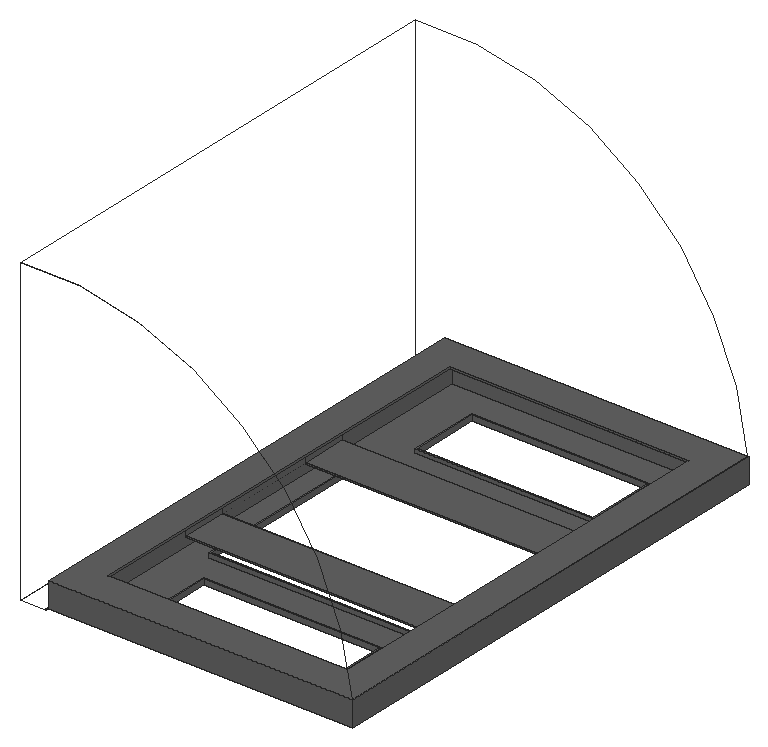
Revit family "Display_Mount-Wall-Chief-Kiosk-Portrait", category Specialty Equipment, host Face, Revit 2015
Parameters (values of type "46", Black")
  z Type Size = 46
  z Type Color = 0
  z Depth Min [instance] = 3.000"  # constant formula
  z Depth Max [instance] = 5.000"  # constant formula
  z Depth Desired [instance] = Depth Desired  # 3.000"
  z Depth Actual [instance] = if(z Depth Desired < z Depth Min, z Depth Min, if(z Depth Desired > z Depth Max, z Depth Max, z Depth Desired))  # 3.000"
  z Bezel Width = if(or(z Type Size = 46, z Type Size = 47, z Type Size = 48), 28.500", if(or(z Type Size = 49, z Type Size = 50, z Type Size = 55), 32.500", if(or(z Type Size = 65, z Type Size = 70), 39.130", if(or(z Type Size = 75), 41.630", 0.000"))))  # 28.500"
  z Bezel Height = if(or(z Type Size = 46, z Type Size = 47, z Type Size = 48), 46.500", if(or(z Type Size = 49, z Type Size = 50, z Type Size = 55), 54.500", if(or(z Type Size = 65, z Type Size = 70), 66.500", if(or(z Type Size = 75), 71.500", 0.000"))))  # 46.500"
  Width [instance] = z Bezel Width  # 28.500"
  URL = "https://www.legrandav.com/"
  Swings Right [instance] = no
  Swings Left [instance] = not(Swings Right)  # yes
  Product Page URL = "https://www.legrandav.com/products/chief/mounts/display/wall-fixed/lw/lw46ubp"
  Product Material = Steel - Milestone - Black
  Product Documentation Link = "https://www.legrandav.com/-/media/files/chief/flyers_brochures/180234_fly_impact_series.ashx"
  Part Number [instance] = Model  # "LW46UBP"
  Part Description [instance] = Description  # "Impact™ On-Wall Kiosk Mount, 46 In., Black"
  Model Disclaimer = "Contact Chief For More Information"  # constant formula
  Model = if(and(z Type Size = 46, z Type Color = 0), "LW46UBP", if(and(z Type Size = 46, z Type Color = 1), "LW46UWP", if(and(z Type Size = 47, z Type Color = 0), "LW47UBP", if(and(z Type Size = 47, z Type Color = 1), "LW47UWP", if(and(z Type Size = 48, z Type Color = 0), "LW48UBP", if(and(z Type Size = 48, z Type Color = 1), "LW48UWP", if(and(z Type Size = 49, z Type Color = 0), "LW49UBP", if(and(z Type Size = 49, z Type Color = 1), "LW49UWP", if(and(z Type Size = 50, z Type Color = 0), "LW50UBP", if(and(z Type Size = 50, z Type Color = 1), "LW50UWP", if(and(z Type Size = 55, z Type Color = 0), "LW55UBP", if(and(z Type Size = 55, z Type Color = 1), "LW55UWP", if(and(z Type Size = 60, z Type Color = 0), "LW60UBP", if(and(z Type Size = 60, z Type Color = 1), "LW60UWP", if(and(z Type Size = 65, z Type Color = 0), "LW65UBP", if(and(z Type Size = 65, z Type Color = 1), "LW65UWP", if(and(z Type Size = 70, z Type Color = 0), "LW70UBP", if(and(z Type Size = 70, z Type Color = 1), "LW70UWP", if(and(z Type Size = 75, z Type Color = 0), "LW75UBP", if(and(z Type Size = 75, z Type Color = 1), "LW75UWP", "Not Available"))))))))))))))))))))  # "LW46UBP"
  Manufacturer = "Chief"  # constant formula
  Load Capacity = if(or(z Type Size = 46, z Type Size = 47, z Type Size = 48), 100.000 lbf, if(or(z Type Size = 49, z Type Size = 50, z Type Size = 55), 125.000 lbf, if(or(z Type Size = 65, z Type Size = 70, z Type Size = 75), 175.000 lbf, 0.000 lbf)))  # 100.000 lbf
  Is Open [instance] = no
  Height [instance] = z Bezel Height  # 46.500"
  Has Snap Locations [instance] = yes
  Has Clearance Areas [instance] = yes
  Family Version = "1.0"  # constant formula
  Equipment Number [instance] = ""
  Equipment Abbreviation = "VM"
  Description = if(and(z Type Size = 46, z Type Color = 0), "Impact™ On-Wall Kiosk Mount, 46 In., Black", if(and(z Type Size = 46, z Type Color = 1), "Impact™ On-Wall Kiosk Mount, 46 In., White", if(and(z Type Size = 47, z Type Color = 0), "Impact™ On-Wall Kiosk Mount, 47 In., Black", if(and(z Type Size = 47, z Type Color = 1), "Impact™ On-Wall Kiosk Mount, 47 In., White", if(and(z Type Size = 48, z Type Color = 0), "Impact™ On-Wall Kiosk Mount, 48 In., Black", if(and(z Type Size = 48, z Type Color = 1), "Impact™ On-Wall Kiosk Mount, 48 In., White", if(and(z Type Size = 49, z Type Color = 0), "Impact™ On-Wall Kiosk Mount, 49 In., Black", if(and(z Type Size = 49, z Type Color = 1), "Impact™ On-Wall Kiosk Mount, 49 In., White", if(and(z Type Size = 50, z Type Color = 0), "Impact™ On-Wall Kiosk Mount, 50 In., Black", if(and(z Type Size = 50, z Type Color = 1), "Impact™ On-Wall Kiosk Mount, 50 In., White", if(and(z Type Size = 55, z Type Color = 0), "Impact™ On-Wall Kiosk Mount, 55 In., Black", if(and(z Type Size = 55, z Type Color = 1), "Impact™ On-Wall Kiosk Mount, 55 In., White", if(and(z Type Size = 60, z Type Color = 0), "Impact™ On-Wall Kiosk Mount, 60 In., Black", if(and(z Type Size = 60, z Type Color = 1), "Impact™ On-Wall Kiosk Mount, 60 In., White", if(and(z Type Size = 65, z Type Color = 0), "Impact™ On-Wall Kiosk Mount, 65 In., Black", if(and(z Type Size = 65, z Type Color = 1), "Impact™ On-Wall Kiosk Mount, 65 In., White", if(and(z Type Size = 70, z Type Color = 0), "Impact™ On-Wall Kiosk Mount, 70 In., Black", if(and(z Type Size = 70, z Type Color = 1), "Impact™ On-Wall Kiosk Mount, 70 In., White", if(and(z Type Size = 75, z Type Color = 0), "Impact™ On-Wall Kiosk Mount, 75 In., Black", if(and(z Type Size = 75, z Type Color = 1), "Impact™ On-Wall Kiosk Mount, 75 In., White", "Not Available"))))))))))))))))))))  # "Impact™ On-Wall Kiosk Mount, 46 In., Black"
  Depth Desired [instance] = 3.000"
  Depth Actual [instance] = z Depth Actual  # 3.000"
  Depth [instance] = Depth Actual  # 3.000"
  Default Elevation = 48.000"
  Date Modified = "January 2, 2019"  # constant formula
  Date Created = "January 2, 2019"  # constant formula
  Copyright = "Copyright © Chief"  # constant formula
Types (19): name | z Type Size | z Type Color | z Bezel Width | z Bezel Height | Width | Product Page URL | Product Material | Part Number | Part Description | Model | Load Capacity | Height | Description
  (no name) | 46 | 0 | 28.500" | 46.500" | 28.500" | "https://www.legrandav.com/products/chief/mounts/display/wall-fixed/lw/lw46ubp" | Steel - Milestone - Black | "LW46UBP" | "Impact™ On-Wall Kiosk Mount, 46 In., Black" | "LW46UBP" | 100.000 lbf | 46.500" | "Impact™ On-Wall Kiosk Mount, 46 In., Black"
  46", Black | 46 | 0 | 28.500" | 46.500" | 28.500" | "https://www.legrandav.com/products/chief/mounts/display/wall-fixed/lw/lw46ubp" | Steel - Milestone - Black | "LW46UBP" | "Impact™ On-Wall Kiosk Mount, 46 In., Black" | "LW46UBP" | 100.000 lbf | 46.500" | "Impact™ On-Wall Kiosk Mount, 46 In., Black"
  55", Black | 55 | 0 | 32.500" | 54.500" | 32.500" | "https://www.legrandav.com/products/chief/mounts/display/wall-fixed/lw/lw55ubp" | Steel - Milestone - Black | "LW55UBP" | "Impact™ On-Wall Kiosk Mount, 55 In., Black" | "LW55UBP" | 125.000 lbf | 54.500" | "Impact™ On-Wall Kiosk Mount, 55 In., Black"
  55", White | 55 | 1 | 32.500" | 54.500" | 32.500" | "https://www.legrandav.com/products/chief/mounts/display/wall-fixed/lw/lw55uwp" | Steel - Milestone - White | "LW55UWP" | "Impact™ On-Wall Kiosk Mount, 55 In., White" | "LW55UWP" | 125.000 lbf | 54.500" | "Impact™ On-Wall Kiosk Mount, 55 In., White"
  65", Black | 65 | 0 | 39.130" | 66.500" | 39.130" | "https://www.legrandav.com/products/chief/mounts/display/wall-fixed/lw/lw65ubp" | Steel - Milestone - Black | "LW65UBP" | "Impact™ On-Wall Kiosk Mount, 65 In., Black" | "LW65UBP" | 175.000 lbf | 66.500" | "Impact™ On-Wall Kiosk Mount, 65 In., Black"
  65", White | 65 | 1 | 39.130" | 66.500" | 39.130" | "https://www.legrandav.com/products/chief/mounts/display/wall-fixed/lw/lw65uwp" | Steel - Milestone - White | "LW65UWP" | "Impact™ On-Wall Kiosk Mount, 65 In., White" | "LW65UWP" | 175.000 lbf | 66.500" | "Impact™ On-Wall Kiosk Mount, 65 In., White"
  70", Black | 70 | 0 | 39.130" | 66.500" | 39.130" | "https://www.legrandav.com/products/chief/mounts/display/wall-fixed/lw/lw70ubp" | Steel - Milestone - Black | "LW70UBP" | "Impact™ On-Wall Kiosk Mount, 70 In., Black" | "LW70UBP" | 175.000 lbf | 66.500" | "Impact™ On-Wall Kiosk Mount, 70 In., Black"
  70", White | 70 | 1 | 39.130" | 66.500" | 39.130" | "https://www.legrandav.com/products/chief/mounts/display/wall-fixed/lw/lw70uwp" | Steel - Milestone - White | "LW70UWP" | "Impact™ On-Wall Kiosk Mount, 70 In., White" | "LW70UWP" | 175.000 lbf | 66.500" | "Impact™ On-Wall Kiosk Mount, 70 In., White"
  75", Black | 75 | 0 | 41.630" | 71.500" | 41.630" | "https://www.legrandav.com/products/chief/mounts/display/wall-fixed/lw/lw75ubp" | Steel - Milestone - Black | "LW75UBP" | "Impact™ On-Wall Kiosk Mount, 75 In., Black" | "LW75UBP" | 175.000 lbf | 71.500" | "Impact™ On-Wall Kiosk Mount, 75 In., Black"
  75", White | 75 | 1 | 41.630" | 71.500" | 41.630" | "https://www.legrandav.com/products/chief/mounts/display/wall-fixed/lw/lw75uwp" | Steel - Milestone - White | "LW75UWP" | "Impact™ On-Wall Kiosk Mount, 75 In., White" | "LW75UWP" | 175.000 lbf | 71.500" | "Impact™ On-Wall Kiosk Mount, 75 In., White"
  46", White | 46 | 1 | 28.500" | 46.500" | 28.500" | "https://www.legrandav.com/products/chief/mounts/display/wall-fixed/lw/lw46uwp" | Steel - Milestone - White | "LW46UWP" | "Impact™ On-Wall Kiosk Mount, 46 In., White" | "LW46UWP" | 100.000 lbf | 46.500" | "Impact™ On-Wall Kiosk Mount, 46 In., White"
  47", Black | 47 | 0 | 28.500" | 46.500" | 28.500" | "https://www.legrandav.com/products/chief/mounts/display/wall-fixed/lw/lw47ubp" | Steel - Milestone - Black | "LW47UBP" | "Impact™ On-Wall Kiosk Mount, 47 In., Black" | "LW47UBP" | 100.000 lbf | 46.500" | "Impact™ On-Wall Kiosk Mount, 47 In., Black"
  47", White | 47 | 1 | 28.500" | 46.500" | 28.500" | "https://www.legrandav.com/products/chief/mounts/display/wall-fixed/lw/lw47uwp" | Steel - Milestone - White | "LW47UWP" | "Impact™ On-Wall Kiosk Mount, 47 In., White" | "LW47UWP" | 100.000 lbf | 46.500" | "Impact™ On-Wall Kiosk Mount, 47 In., White"
  48", Black | 48 | 0 | 28.500" | 46.500" | 28.500" | "https://www.legrandav.com/products/chief/mounts/display/wall-fixed/lw/lw48ubp" | Steel - Milestone - Black | "LW48UBP" | "Impact™ On-Wall Kiosk Mount, 48 In., Black" | "LW48UBP" | 100.000 lbf | 46.500" | "Impact™ On-Wall Kiosk Mount, 48 In., Black"
  48", White | 48 | 1 | 28.500" | 46.500" | 28.500" | "https://www.legrandav.com/products/chief/mounts/display/wall-fixed/lw/lw48uwp" | Steel - Milestone - White | "LW48UWP" | "Impact™ On-Wall Kiosk Mount, 48 In., White" | "LW48UWP" | 100.000 lbf | 46.500" | "Impact™ On-Wall Kiosk Mount, 48 In., White"
  49", Black | 49 | 0 | 32.500" | 54.500" | 32.500" | "https://www.legrandav.com/products/chief/mounts/display/wall-fixed/lw/lw49ubp" | Steel - Milestone - Black | "LW49UBP" | "Impact™ On-Wall Kiosk Mount, 49 In., Black" | "LW49UBP" | 125.000 lbf | 54.500" | "Impact™ On-Wall Kiosk Mount, 49 In., Black"
  49", White | 49 | 1 | 32.500" | 54.500" | 32.500" | "https://www.legrandav.com/products/chief/mounts/display/wall-fixed/lw/lw49uwp" | Steel - Milestone - White | "LW49UWP" | "Impact™ On-Wall Kiosk Mount, 49 In., White" | "LW49UWP" | 125.000 lbf | 54.500" | "Impact™ On-Wall Kiosk Mount, 49 In., White"
  50", Black | 50 | 0 | 32.500" | 54.500" | 32.500" | "https://www.legrandav.com/products/chief/mounts/display/wall-fixed/lw/lw50ubp" | Steel - Milestone - Black | "LW50UBP" | "Impact™ On-Wall Kiosk Mount, 50 In., Black" | "LW50UBP" | 125.000 lbf | 54.500" | "Impact™ On-Wall Kiosk Mount, 50 In., Black"
  50", White | 50 | 1 | 32.500" | 54.500" | 32.500" | "https://www.legrandav.com/products/chief/mounts/display/wall-fixed/lw/lw50uwp" | Steel - Milestone - White | "LW50UWP" | "Impact™ On-Wall Kiosk Mount, 50 In., White" | "LW50UWP" | 125.000 lbf | 54.500" | "Impact™ On-Wall Kiosk Mount, 50 In., White"
Reference planes (in)
  plane 1 "Center (Front/Back)": y = 0
  plane 2 "Center (Elevation)": z = 0
  plane 3 "Center (Left/Right)": x = 0
  plane 4: through (26.9972, 28.43381, 9.92971) normal (-0.9218, 0.2818, 0.2661)
  plane 5: through (15.53727, 31.93746, 9.30168) normal (-0.8902, 0.2721, -0.3654)
  plane 6: through (16.43815, 31.66203, -8.67365) normal (0.8902, -0.2721, 0.3654)
  plane 7: through (13.12273, 32.67566, 0.15701) normal (-0.05, 0.0153, 0.9986)
  plane 8: through (9.8073, 33.68929, 8.98767) normal (-0.9218, 0.2818, 0.2661)
  plane 9: through (4.97822, 35.16569, -9.30168) normal (0.955, -0.292, 0.0523)
  plane 10: through (4.97822, 35.16569, -9.30168) normal (-0.05, 0.0153, 0.9986)
  plane 11 "Top": y = 23.25
  plane 12 "Bottom": y = -23.25
  plane 13 "Left": x = -14.25
  plane 14 "Front": z = 3
  plane 15 "Right": x = 14.25
Dimensions and locks (in)
  "Depth": plane 14 "Front" to plane 2 "Center (Elevation)"
  equal spacing: plane 13 "Left", plane 3 "Center (Left/Right)", plane 15 "Right"
  "Width": plane 13 "Left" to plane 15 "Right"
  equal spacing: plane 12 "Bottom", plane 1 "Center (Front/Back)", plane 11 "Top"
  "Height": plane 12 "Bottom" to plane 11 "Top"
  aligned and locked: plane 2 "Center (Elevation)" to host face
  aligned and locked: level to host face
Automatic sketch dimensions
  host sketch curve to host sketch curve = 24.000"  (x2)
Nested families (in)
  nested 1: "Chief-Kiosk-Portrait" at (0, 0, 0), Has Clearance Areas <- "Has Clearance Areas", Has Snap Locations <- "Has Snap Locations", Is Open <- "Is Open", Swings Right <- "Swings Right", z Type Size <- "z Type Size", Depth Desired <- "z Depth Actual", Product Material <- "Product Material", type "Standard"
    with z Visible Right no, z Visible Left yes, z Visible Clearance Area Right no, z Visible Clearance Area Left yes, z Type Size 46, z Thickness 0.125", z Swing Radius 28.62554", z Plate Width Inside 25.560", z Plate Width 25.810", z Plate Height 44.710", z Opening Width 22.500", z Opening Height 40.100", z On Wall Storage Spacing 31.460", z On Wall Storage Height 6.400", z Mount Inside Width 25.310", z Mount Height Spacing 9.810", z Mount Height 4.280", z Hinge Offset Depth 0.310", z Hinge Angle Right 0.000°, z Hinge Angle Left 0.000°, z Hinge Angle 0.000°, z Display Mount Depth Max 1.875", z Display Mount Depth Actual 1.875", z Depth Min 3.000", z Depth Max 5.000", z Depth Desired 3.000", z Depth Actual 3.000", z Bezel Width 28.500", z Bezel Inside Width 28.250", z Bezel Height 46.500", z  Offset 0.000", Width 28.500", Swings Right no, Swings Left yes, Product Material Steel - Milestone - Black, Is Open no, Height 46.500", Has Snap Locations yes, Has Clearance Areas yes, Depth Desired 3.000", Depth Actual 3.000", Depth 3.000"
Definition of nested family "Chief-Kiosk-Portrait"
  Parameters (values of type "Standard")
    z Visible Right [instance] = Swings Right  # no
    z Visible Left [instance] = not(z Visible Right)  # yes
    z Visible Clearance Area Right [instance] = and(Has Clearance Areas, z Visible Right)  # no
    z Visible Clearance Area Left [instance] = and(Has Clearance Areas, z Visible Left)  # yes
    z Type Size [instance] = 46
    z Thickness [instance] = 0.125"  # constant formula
    z Swing Radius [instance] = sqrt(z Bezel Width ^ 2 + (2.368" + z Hinge Offset Depth) ^ 2)  # 28.62554"
    z Plate Width Inside [instance] = z Plate Width - z Thickness * 2  # 25.560"
    z Plate Width [instance] = if(or(z Type Size = 46, z Type Size = 47, z Type Size = 48), 25.810", if(or(z Type Size = 49, z Type Size = 50, z Type Size = 55), 30.810", if(or(z Type Size = 65, z Type Size = 70), 37.380", if(or(z Type Size = 75), 39.880", 0.000"))))  # 25.810"
    z Plate Height [instance] = if(or(z Type Size = 46, z Type Size = 47, z Type Size = 48), 44.710", if(or(z Type Size = 49, z Type Size = 50, z Type Size = 55), 52.400", if(or(z Type Size = 65, z Type Size = 70), 64.770", if(or(z Type Size = 75), 69.270", 0.000"))))  # 44.710"
    z Opening Width [instance] = if(z Type Size = 46, 22.500", if(z Type Size = 47, 23.000", if(z Type Size = 48, 23.500", if(z Type Size = 49, 23.800", if(z Type Size = 50, 24.300", if(z Type Size = 55, 26.800", if(z Type Size = 65, 31.600", if(z Type Size = 70, 34.100", if(z Type Size = 75, 36.500", 0.000")))))))))  # 22.500"
    z Opening Height [instance] = if(z Type Size = 46, 40.100", if(z Type Size = 47, 40.900", if(z Type Size = 48, 41.500", if(z Type Size = 49, 42.300", if(z Type Size = 50, 43.100", if(z Type Size = 55, 47.600", if(z Type Size = 65, 56.200", if(z Type Size = 70, 60.600", if(z Type Size = 75, 65.000", 0.000")))))))))  # 40.100"
    z On Wall Storage Spacing [instance] = if(or(z Type Size = 46, z Type Size = 47, z Type Size = 48), 31.460", if(or(z Type Size = 49, z Type Size = 50, z Type Size = 55), 35.340", if(or(z Type Size = 65, z Type Size = 70), 45.460", if(or(z Type Size = 75), 47.710", 0.000"))))  # 31.460"
    z On Wall Storage Height [instance] = if(or(z Type Size = 46, z Type Size = 47, z Type Size = 48), 6.400", if(or(z Type Size = 49, z Type Size = 50, z Type Size = 55, z Type Size = 65, z Type Size = 70, z Type Size = 75), 10.400", 0.000"))  # 6.400"
    z Mount Inside Width [instance] = z Plate Width Inside - z Thickness * 2  # 25.310"
    z Mount Height Spacing [instance] = if(or(z Type Size = 46, z Type Size = 47, z Type Size = 48, z Type Size = 49, z Type Size = 50, z Type Size = 55), 9.810", if(or(z Type Size = 65, z Type Size = 70, z Type Size = 75), 13.190", 0.000"))  # 9.810"
    z Mount Height [instance] = if(or(z Type Size = 46, z Type Size = 47, z Type Size = 48, z Type Size = 49, z Type Size = 50, z Type Size = 55), 4.280", if(or(z Type Size = 65, z Type Size = 70, z Type Size = 75), 6.250", 0.000"))  # 4.280"
    z Hinge Offset Depth [instance] = 0.310" + (z Depth Actual - z Depth Min) * 0  # 0.310"
    z Hinge Angle Right [instance] = if(z Visible Right, z Hinge Angle, 0.000° + if(z  Offset > 0.000", z Hinge Angle, 0.000°))  # 0.000°
    z Hinge Angle Left [instance] = if(z Visible Left, z Hinge Angle, 0.000° + if(z  Offset > 0.000", z Hinge Angle, 0.000°))  # 0.000°
    z Hinge Angle [instance] = if(Is Open, 90.000°, 0.000°)  # 0.000°
    z Display Mount Depth Max [instance] = z Depth Actual - 1.125"  # 1.875"
    z Display Mount Depth Actual [instance] = z Display Mount Depth Max  # 1.875"
    z Depth Min [instance] = 3.000"  # constant formula
    z Depth Max [instance] = 5.000"  # constant formula
    z Depth Desired [instance] = Depth Desired  # 3.000"
    z Depth Actual [instance] = z  Offset + if(z Depth Desired < z Depth Min, z Depth Min, if(z Depth Desired > z Depth Max, z Depth Max, z Depth Desired))  # 3.000"
    z Bezel Width [instance] = if(or(z Type Size = 46, z Type Size = 47, z Type Size = 48), 28.500", if(or(z Type Size = 49, z Type Size = 50, z Type Size = 55), 32.500", if(or(z Type Size = 65, z Type Size = 70), 39.130", if(or(z Type Size = 75), 41.630", 0.000"))))  # 28.500"
    z Bezel Inside Width [instance] = z Bezel Width - z Thickness * 2  # 28.250"
    z Bezel Height [instance] = if(or(z Type Size = 46, z Type Size = 47, z Type Size = 48), 46.500", if(or(z Type Size = 49, z Type Size = 50, z Type Size = 55), 54.500", if(or(z Type Size = 65, z Type Size = 70), 66.500", if(or(z Type Size = 75), 71.500", 0.000"))))  # 46.500"
    z  Offset [instance] = 6.000" * 0  # 0.000"
    Width [instance] = z Bezel Width  # 28.500"
    URL = ""
    Swings Right [instance] = no
    Swings Left [instance] = not(Swings Right)  # yes
    Product Material [instance] = none
    Model = ""
    Manufacturer = ""
    Is Open [instance] = no
    Height [instance] = z Bezel Height  # 46.500"
    Has Snap Locations [instance] = yes
    Has Clearance Areas [instance] = yes
    Description = ""
    Depth Desired [instance] = 3.000"
    Depth Actual [instance] = z Depth Actual  # 3.000"
    Depth [instance] = Depth Actual  # 3.000"
    Default Elevation = 48.000"
  Reference planes (in)
    plane 1 "Center (Front/Back)": y = 0
    plane 2 "Center (Elevation)": z = 0
    plane 3 "Center (Left/Right)": x = 0
    plane 4: through (26.9972, 28.43381, 9.92971) normal (-0.9218, 0.2818, 0.2661)
    plane 5: through (15.53727, 31.93746, 9.30168) normal (-0.8902, 0.2721, -0.3654)
    plane 6: through (16.43815, 31.66203, -8.67365) normal (0.8902, -0.2721, 0.3654)
    plane 7: through (13.12273, 32.67566, 0.15701) normal (-0.05, 0.0153, 0.9986)
    plane 8: through (9.8073, 33.68929, 8.98767) normal (-0.9218, 0.2818, 0.2661)
    plane 9: through (4.97822, 35.16569, -9.30168) normal (0.955, -0.292, 0.0523)
    plane 10: through (4.97822, 35.16569, -9.30168) normal (-0.05, 0.0153, 0.9986)
    plane 11: y = 9.135
    plane 12: x = -10.27
    plane 13: x = -8.25
    plane 14: x = 8.25
    plane 15: x = 10.27
    plane 16: y = 12.53
    plane 17: y = 18.93
    plane 18: y = 22.355
    plane 19: y = -22.355
    plane 20: y = -18.93
    plane 21: y = -12.53
    plane 22: y = -9.135
    plane 23 "Back": z = 0
    plane 24: z = 0.125
    plane 25: z = 2.87
    plane 26: x = -12.905
    plane 27: x = 12.905
    plane 28: y = 15.73
    plane 29: y = -15.73
    plane 30: x = -11.25
    plane 31 "Left": x = -14.25
    plane 32: x = 11.25
    plane 33 "Right": x = 14.25
    plane 34: y = 20.05
    plane 35 "Top": y = 23.25
    plane 36: y = -20.05
    plane 37 "Bottom": y = -23.25
    plane 38 "Front": z = 3
    plane 39: z = 2.875
    plane 40: z = 0.62
    plane 41: y = 23.125
    plane 42: x = -14.125
    plane 43: x = 14.125
    plane 44: y = -23.125
    plane 45: x = 8.375
    plane 46: x = -12.78
    plane 47: x = -8.375
    plane 48: x = 12.78
    plane 49: x = -10.395
    plane 50: x = 10.395
    plane 51: y = 12.405
    plane 52: y = -22.23
    plane 53: y = -19.055
    plane 54: y = -9.26
    plane 55: y = 9.26
    plane 56: y = 19.055
    plane 57: y = 22.23
    plane 58: y = -12.405
    plane 59: z = 2.745
    plane 60: z = 0.5
    plane 61: z = 0.31
    plane 62: x = -14.56
    plane 63: x = -16.94
    plane 64: x = 14.56
    plane 65: x = 16.94
    plane 66: z = 28.93554
  Forms (in)
    Extrusion 1, solid, material <- "Product Material"
      sketch origin (0, 0, 0) x (1, 0, 0) y (0, 1, 0)
        loop
          line (-8.25, 18.93) -> (-8.25, 12.53) -> (8.25, 12.53) -> (8.25, 18.93) -> (-8.25, 18.93)
        loop
          line (-8.25, -18.93) -> (8.25, -18.93) -> (8.25, -12.53) -> (-8.25, -12.53) -> (-8.25, -18.93)
        loop
          line (-10.27, 9.135) -> (-10.27, -9.135) -> (10.27, -9.135) -> (10.27, 9.135) -> (-10.27, 9.135)
        loop
          line (-14.125, 23.125) -> (-14.125, -23.125) -> (14.125, -23.125) -> (14.125, 23.125) -> (-14.125, 23.125)
      from 0 to 2.87
    Extrusion 2, void
      sketch origin (0, 0, 0) x (1, 0, 0) y (0, 1, 0)
        loop
          line (-12.78, 22.23) -> (-12.78, -22.23) -> (12.78, -22.23) -> (12.78, 22.23) -> (-12.78, 22.23)
        loop
          line (-8.375, 19.055) -> (-8.375, 12.405) -> (8.375, 12.405) -> (8.375, 19.055) -> (-8.375, 19.055)
        loop
          line (-10.395, 9.26) -> (-10.395, -9.26) -> (10.395, -9.26) -> (10.395, 9.26) -> (-10.395, 9.26)
        loop
          line (-8.375, -12.405) -> (-8.375, -19.055) -> (8.375, -19.055) -> (8.375, -12.405) -> (-8.375, -12.405)
      from 0.125 to 2.87
    Extrusion 3, void
      sketch origin (0, 0, 0) x (1, 0, 0) y (0, 1, 0)
        loop
          line (-14.125, 23.125) -> (-14.125, -23.125) -> (14.125, -23.125) -> (14.125, 23.125) -> (-14.125, 23.125)
        loop
          line (-12.905, 22.355) -> (-12.905, -22.355) -> (12.905, -22.355) -> (12.905, 22.355) -> (-12.905, 22.355)
      from 0 to 2.745
    Extrusion 4, void
      sketch origin (0, 0, 0) x (1, 0, 0) y (0, 1, 0)
        loop
          line (-12.78, 22.23) -> (-12.78, -22.23) -> (12.78, -22.23) -> (12.78, 22.23) -> (-12.78, 22.23)
      from 0.5 to 2.87
    Extrusion 5, solid, visible <- "z Visible Clearance Area Left"
      sketch origin (0, 0, 0) x (1, 0, 0) y (0, 0, 1)
        loop
          arc (14.25, 2.988) -> (4.00427, 22.36002) -> (-16.94, 28.80887) r 28.62554
          line (-16.94, 28.80887) -> (-16.94, 0.31) -> (-14.56, 0.31)
          arc (-14.56, 0.31) -> (-14.4692, 0.5292) -> (-14.25, 0.62) r 0.31
          line (-14.25, 0.62) -> (14.25, 0.62) -> (14.25, 2.988)
      from -23.25 to 23.25
    Extrusion 6, solid, visible <- "z Visible Clearance Area Right"
      sketch origin (0, 0, 0) x (-1, 0, 0) y (0, 0, -1)
        loop
          line (14.25, -2.988) -> (14.25, -0.62) -> (-14.25, -0.62)
          arc (-14.25, -0.62) -> (-14.4692, -0.5292) -> (-14.56, -0.31) r 0.31
          line (-14.56, -0.31) -> (-16.94, -0.31) -> (-16.94, -28.80887)
          arc (-16.94, -28.80887) -> (4.00427, -22.36002) -> (14.25, -2.988) r 28.62554
      from -23.25 to 23.25
    Extrusion 7, void
      sketch origin (0, 23.25, 0.31) x (0, -1, 0) y (1, 0, 0)
        loop
          line (0.125, -14.125) -> (46.375, -14.125) -> (46.375, 14.125) -> (0.125, 14.125) -> (0.125, -14.125)
      from 0.31 to 2.565
    Extrusion 8, solid, material <- "Product Material"
      sketch origin (0, 23.25, 0.31) x (0, -1, 0) y (1, 0, 0)
        loop
          line (3.2, -11.25) -> (43.3, -11.25) -> (43.3, 11.25) -> (3.2, 11.25) -> (3.2, -11.25)
        loop
          line (0, -14.25) -> (46.5, -14.25) -> (46.5, 14.25) -> (0, 14.25) -> (0, -14.25)
      from 0.31 to 2.69
    Extrusion 9, solid
      sketch origin (0, 23.25, 0.31) x (0, -1, 0) y (1, 0, 0)
        loop
          line (14.065, -12.78) -> (18.345, -12.78) -> (18.345, 12.78) -> (14.065, 12.78) -> (14.065, -12.78)
        loop
          line (28.155, -12.78) -> (32.435, -12.78) -> (32.435, 12.78) -> (28.155, 12.78) -> (28.155, -12.78)
      from 0.69 to 0.815
    Extrusion 10, solid, visible <- "Has Snap Locations"
      sketch origin (0, 23.25, 0.31) x (0, -1, 0) y (1, 0, 0)
        loop
          line (18.345, -12.78) -> (28.155, -12.78) -> (28.155, 12.78) -> (18.345, 12.78) -> (18.345, -12.78)
      from 0.69 to 0.815
    Extrusion 11, solid
      sketch origin (0, 23.25, 0.31) x (0, -1, 0) y (1, 0, 0)
        loop
          line (14.065, 12.655) -> (18.345, 12.655) -> (18.345, 12.78) -> (14.065, 12.78) -> (14.065, 12.655)
        loop
          line (18.345, -12.655) -> (14.065, -12.655) -> (14.065, -12.78) -> (18.345, -12.78) -> (18.345, -12.655)
        loop
          line (28.155, 12.655) -> (32.435, 12.655) -> (32.435, 12.78) -> (28.155, 12.78) -> (28.155, 12.655)
        loop
          line (32.435, -12.655) -> (28.155, -12.655) -> (28.155, -12.78) -> (32.435, -12.78) -> (32.435, -12.655)
      from 0.815 to 2.565
  Cuts and joins
    Extrusion 2, Extrusion 3, Extrusion 4 cuts Extrusion 1
    Extrusion 7 cuts Extrusion 8
    joined: Extrusion 9, Extrusion 11
  Lines and regions (in)
    Masking region 1
      outline origin (14.25, 0, 0.31) x (-1, 0, 0) y (0, 0, -1)
        loop
          line (28.5, -0.31) -> (0, -0.31) -> (0, -2.69) -> (28.5, -2.69) -> (28.5, -0.31)
    Masking region 2
      outline origin (0, 0, 0) x (1, 0, 0) y (0, 0, 1)
        loop
          line (-12.905, 0.62) -> (-12.905, 0) -> (12.905, 0) -> (12.905, 0.62) -> (-12.905, 0.62)
    reference lines
      curve 1: line (-14.25, 0, 0.31) -> (14.25, 0, 0.31)
      curve 2: line (0, 23.25, 0.31) -> (0, -23.25, 0.31)
      curve 3: line (14.25, 0, 0.31) -> (-14.25, 0, 0.31)
      curve 4: line (14.25, 0, 3) -> (-14.25, 0, 3)
      curve 31: line (14.25, 0, 1.125) -> (-14.25, 0, 1.125)
    symbolic lines, visible <- "z Visible Clearance Area Left"
      curve 5: line (-16.94, 23.25, 28.93554) -> (14.25, 23.25, 28.93554)
      curve 6: line (-16.94, -23.25, 28.93554) -> (-16.94, 23.25, 28.93554)
      curve 7: line (14.25, -23.25, 28.93554) -> (-16.94, -23.25, 28.93554)
      curve 8: line (14.25, 23.25, 28.93554) -> (14.25, -23.25, 28.93554)
      curve 17: arc (14.25, 0, 2.988) -> (4.00427, 0, 22.36002) -> (-16.94, 0, 28.80887) r 28.62554
      curve 18: line (-16.94, 0, 0.31) -> (-14.56, 0, 0.31)
      curve 19: line (-16.94, 0, 28.80887) -> (-16.94, 0, 0.31)
      curve 20: line (-14.25, 0, 0.62) -> (14.25, 0, 0.62)
      curve 21: line (14.25, 0, 0.62) -> (14.25, 0, 2.988)
      curve 22: arc (-14.25, 0, 0.62) -> (-14.4692, 0, 0.5292) -> (-14.56, 0, 0.31) r 0.31
    symbolic lines, visible <- "z Visible Clearance Area Right"
      curve 9: line (-14.25, 23.25, 28.93554) -> (16.94, 23.25, 28.93554)
      curve 10: line (-14.25, -23.25, 28.93554) -> (-14.25, 23.25, 28.93554)
      curve 11: line (16.94, -23.25, 28.93554) -> (-14.25, -23.25, 28.93554)
      curve 12: line (16.94, 23.25, 28.93554) -> (16.94, -23.25, 28.93554)
      curve 23: arc (-14.25, 0, 2.988) -> (-4.00427, 0, 22.36002) -> (16.94, 0, 28.80887) r 28.62554
      curve 24: line (16.94, 0, 0.31) -> (14.56, 0, 0.31)
      curve 25: line (16.94, 0, 28.80887) -> (16.94, 0, 0.31)
      curve 26: line (14.25, 0, 0.62) -> (-14.25, 0, 0.62)
      curve 27: line (-14.25, 0, 0.62) -> (-14.25, 0, 2.988)
      curve 28: arc (14.25, 0, 0.62) -> (14.4692, 0, 0.5292) -> (14.56, 0, 0.31) r 0.31
    symbolic lines, visible <- "Has Clearance Areas"
      curve 13: line (0, -23.25, 28.93554) -> (0, 23.25, 28.93554)
      curve 14: line (0, -23.25, 0.31) -> (0, -23.25, 28.93554)
      curve 15: line (0, 23.25, 0.31) -> (0, -23.25, 0.31)
      curve 16: line (0, 23.25, 28.93554) -> (0, 23.25, 0.31)
    model lines, visible <- "Has Snap Locations"
      curve 29: line (0, -4.905, 1.125) -> (0, 4.905, 1.125)
      curve 30: line (-12.78, 0, 1.125) -> (12.78, 0, 1.125)
  Dimensions and locks (in)
    "z Thickness": plane 24 to plane 23 "Back"
    locked: plane 25 to plane 23 "Back" at 2.87
    "z On Wall Storage Height": plane 16 to plane 17
    "z On Wall Storage Height": plane 20 to plane 21
    equal spacing: plane 13, plane 3 "Center (Left/Right)", plane 14
    locked: plane 13 to plane 14 at 16.5
    equal spacing: plane 29, plane 1 "Center (Front/Back)", plane 28
    equal spacing: plane 12, plane 3 "Center (Left/Right)", plane 15
    locked: plane 12 to plane 15 at 20.54
    locked: plane 22 to plane 11 at 18.27
    equal spacing: plane 22, plane 1 "Center (Front/Back)", plane 11
    "z On Wall Storage Spacing": plane 29 to plane 28
    equal spacing: plane 16, plane 28, plane 17
    equal spacing: plane 20, plane 29, plane 21
    equal spacing: plane 26, plane 3 "Center (Left/Right)", plane 27
    "z Plate Width": plane 26 to plane 27
    equal spacing: plane 19, plane 1 "Center (Front/Back)", plane 18
    "z Plate Height": plane 19 to plane 18
    equal spacing: plane 36, plane 1 "Center (Front/Back)", plane 34
    "z Opening Height": plane 36 to plane 34
    equal spacing: plane 37 "Bottom", plane 1 "Center (Front/Back)", plane 35 "Top"
    "z Bezel Height": plane 37 "Bottom" to plane 35 "Top"
    equal spacing: plane 30, plane 3 "Center (Left/Right)", plane 32
    "z Opening Width": plane 30 to plane 32
    equal spacing: plane 31 "Left", plane 3 "Center (Left/Right)", plane 33 "Right"
    "z Bezel Width": plane 31 "Left" to plane 33 "Right"
    "z Thickness": plane 38 "Front" to plane 39
    locked: plane 38 "Front" to plane 40 at 2.38
    "z Thickness": plane 37 "Bottom" to plane 44
    "z Thickness": plane 41 to plane 35 "Top"
    "z Thickness": plane 31 "Left" to plane 42
    "z Thickness": plane 43 to plane 33 "Right"
    "z Thickness": plane 57 to plane 18
    "z Thickness": plane 17 to plane 56
    "z Thickness": plane 51 to plane 16
    "z Thickness": plane 11 to plane 55
    "z Thickness": plane 54 to plane 22
    "z Thickness": plane 21 to plane 58
    "z Thickness": plane 53 to plane 20
    "z Thickness": plane 19 to plane 52
    "z Thickness": plane 26 to plane 46
    "z Thickness": plane 49 to plane 12
    "z Thickness": plane 47 to plane 13
    "z Thickness": plane 14 to plane 45
    "z Thickness": plane 15 to plane 50
    "z Thickness": plane 48 to plane 27
    "z Depth Actual": plane 38 "Front" to plane 23 "Back"
    "z Thickness": plane 25 to plane 59
    locked: plane 60 to plane 23 "Back" at 0.5
    "z Hinge Offset Depth": plane 40 to plane 61
    "z Hinge Offset Depth": plane 31 "Left" to plane 62
    "z Hinge Offset Depth": plane 64 to plane 33 "Right"
    locked: plane 65 to plane 64 at 2.38
    locked: plane 62 to plane 63 at 2.38
    "z Swing Radius": plane 66 to plane 61
    "z Bezel Width": curve 1 to curve 1
    "z Bezel Width": curve 3 to curve 3
    equal spacing: curve 3, curve 2, curve 3
    equal spacing: Extrusion 7 sketch curve, curve 2, Extrusion 7 sketch curve
    "z Bezel Inside Width": Extrusion 7 sketch curve to Extrusion 7 sketch curve
    equal spacing: Extrusion 8 sketch curve, curve 2, Extrusion 8 sketch curve  (x2)
    "z Opening Width": Extrusion 8 sketch curve to Extrusion 8 sketch curve
    "z Bezel Width": Extrusion 8 sketch curve to Extrusion 8 sketch curve
    equal spacing: Extrusion 9 sketch curve, curve 2, Extrusion 9 sketch curve  (x2)
    "z Plate Width Inside": Extrusion 9 sketch curve to Extrusion 9 sketch curve  (x2)
    "z Mount Height": Extrusion 9 sketch curve to Extrusion 9 sketch curve  (x2)
    equal spacing: Extrusion 9 sketch curve, curve 3, Extrusion 9 sketch curve
    "z Mount Height Spacing": Extrusion 9 sketch curve to Extrusion 9 sketch curve
    "z Thickness": Extrusion 9 to Extrusion 9
    "z Bezel Width": curve 4 to curve 4
    locked: curve 4 to curve 3 at 2.69
    "z Display Mount Depth Actual": Extrusion 9 to curve 4
    equal spacing: Extrusion 10 sketch curve, curve 4, Extrusion 10 sketch curve
    "z Mount Height Spacing": Extrusion 10 sketch curve to Extrusion 10 sketch curve
    equal spacing: Extrusion 10 sketch curve, curve 2, Extrusion 10 sketch curve
    "z Plate Width Inside": Extrusion 10 sketch curve to Extrusion 10 sketch curve
    "z Thickness": Extrusion 10 to Extrusion 10
    "z Display Mount Depth Actual": Extrusion 10 to curve 4
    equal spacing: Extrusion 11 sketch curve, curve 2, Extrusion 11 sketch curve  (x4)
    "z Mount Height": Extrusion 11 sketch curve to Extrusion 11 sketch curve  (x4)
    equal spacing: Extrusion 11 sketch curve, curve 3, Extrusion 11 sketch curve  (x2)
    "z Mount Height Spacing": Extrusion 11 sketch curve to Extrusion 11 sketch curve  (x2)
    "z Mount Inside Width": Extrusion 11 sketch curve to Extrusion 11 sketch curve  (x2)
    "z Plate Width Inside": Extrusion 11 sketch curve to Extrusion 11 sketch curve  (x2)
    "z Display Mount Depth Actual": curve 4 to Extrusion 11
    equal spacing: Masking region 1 sketch curve, curve 2, Masking region 1 sketch curve
    "z Bezel Width": Masking region 1 sketch curve to Masking region 1 sketch curve
    locked: Masking region 1 sketch curve to curve 3 at 0.31
    locked: Masking region 1 sketch curve to Masking region 1 sketch curve at 2.38
    "z Bezel Width": curve 31 to curve 31
    "z Display Mount Depth Actual": curve 4 to curve 31
    equal spacing: curve 29, curve 4, curve 29
    "z Mount Height Spacing": curve 29 to curve 29
    equal spacing: curve 30, curve 2, curve 30
    "z Plate Width Inside": curve 30 to curve 30
    "z  Offset": plane 23 "Back" to plane 2 "Center (Elevation)"
    "z Swing Radius": radius of Extrusion 5 sketch curve
    "z Swing Radius": radius of Extrusion 6 sketch curve
    "z Swing Radius": radius of curve 17
    "z Swing Radius": radius of curve 23
    "z Hinge Angle Right": angle curve 1 to plane 61
    "z Hinge Angle Left": angle curve 1 to curve 3
    aligned and locked: plane 2 "Center (Elevation)" to level
    aligned and locked: plane 17 to Extrusion 1 sketch curve
    aligned and locked: plane 13 to Extrusion 1 sketch curve
    aligned and locked: Extrusion 1 sketch curve to plane 16
    aligned and locked: Extrusion 1 sketch curve to plane 14
    aligned and locked: plane 20 to Extrusion 1 sketch curve
    aligned and locked: Extrusion 1 sketch curve to plane 13
    aligned and locked: Extrusion 1 sketch curve to plane 21
    aligned and locked: plane 14 to Extrusion 1 sketch curve
    aligned and locked: plane 11 to Extrusion 1 sketch curve
    aligned and locked: plane 12 to Extrusion 1 sketch curve
    aligned and locked: Extrusion 1 sketch curve to plane 22
    aligned and locked: Extrusion 1 sketch curve to plane 15
    aligned and locked: plane 25 to Extrusion 1
    aligned and locked: Extrusion 1 to plane 23 "Back"
    aligned and locked: plane 57 to Extrusion 2 sketch curve
    aligned and locked: plane 46 to Extrusion 2 sketch curve
    aligned and locked: Extrusion 2 sketch curve to plane 52
    aligned and locked: Extrusion 2 sketch curve to plane 48
    aligned and locked: plane 56 to Extrusion 2 sketch curve
    aligned and locked: plane 47 to Extrusion 2 sketch curve  (x2)
    aligned and locked: Extrusion 2 sketch curve to plane 51
    aligned and locked: Extrusion 2 sketch curve to plane 45  (x2)
    aligned and locked: plane 55 to Extrusion 2 sketch curve
    aligned and locked: plane 49 to Extrusion 2 sketch curve
    aligned and locked: Extrusion 2 sketch curve to plane 54
    aligned and locked: Extrusion 2 sketch curve to plane 50
    aligned and locked: plane 58 to Extrusion 2 sketch curve
    aligned and locked: Extrusion 2 sketch curve to plane 53
    aligned and locked: plane 25 to Extrusion 2
    aligned and locked: Extrusion 2 to plane 24
    aligned and locked: Extrusion 3 sketch curve to plane 43
    aligned and locked: Extrusion 3 sketch curve to plane 44
    aligned and locked: Extrusion 3 sketch curve to plane 27
    aligned and locked: Extrusion 3 sketch curve to plane 19
    aligned and locked: plane 42 to Extrusion 3 sketch curve
    aligned and locked: plane 26 to Extrusion 3 sketch curve
    aligned and locked: plane 41 to Extrusion 3 sketch curve
    aligned and locked: plane 18 to Extrusion 3 sketch curve
    aligned and locked: plane 59 to Extrusion 3
    aligned and locked: Extrusion 3 to plane 23 "Back"
    aligned and locked: plane 42 to Extrusion 1 sketch curve
    aligned and locked: plane 41 to Extrusion 1 sketch curve
    aligned and locked: Extrusion 1 sketch curve to plane 44
    aligned and locked: Extrusion 1 sketch curve to plane 43
    aligned and locked: Extrusion 4 sketch curve to plane 48
    aligned and locked: Extrusion 4 sketch curve to plane 52
    aligned and locked: plane 46 to Extrusion 4 sketch curve
    aligned and locked: plane 57 to Extrusion 4 sketch curve
    aligned and locked: Extrusion 4 to plane 60
    aligned and locked: plane 25 to Extrusion 4
    aligned and locked: Extrusion 5 to plane 35 "Top"
    aligned and locked: Extrusion 6 to plane 35 "Top"
    aligned and locked: plane 37 "Bottom" to Extrusion 5
    aligned and locked: plane 37 "Bottom" to Extrusion 6
    aligned and locked: plane 31 "Left" to Extrusion 5 sketch curve  (x2)
    aligned and locked: plane 61 to Extrusion 5 sketch curve  (x2)
    aligned and locked: Extrusion 5 sketch curve to plane 61
    aligned and locked: Extrusion 5 sketch curve to plane 40
    aligned and locked: Extrusion 5 sketch curve to plane 63
    aligned and locked: plane 33 "Right" to Extrusion 5 sketch curve
    aligned and locked: Extrusion 6 sketch curve to plane 65
    aligned and locked: plane 61 to Extrusion 6 sketch curve  (x3)
    aligned and locked: plane 40 to Extrusion 6 sketch curve
    aligned and locked: plane 33 "Right" to Extrusion 6 sketch curve  (x2)
    aligned and locked: plane 31 "Left" to Extrusion 6 sketch curve
    aligned and locked: plane 33 "Right" to curve 1
    aligned and locked: plane 61 to curve 1
    aligned and locked: plane 35 "Top" to curve 2
    aligned and locked: plane 37 "Bottom" to curve 2
    aligned and locked: plane 35 "Top" to Extrusion 8 sketch curve
    aligned and locked: Extrusion 8 sketch curve to plane 37 "Bottom"
    aligned and locked: plane 34 to Extrusion 8 sketch curve
    aligned and locked: Extrusion 8 sketch curve to plane 36
    aligned and locked: plane 41 to Extrusion 7 sketch curve
    aligned and locked: Extrusion 7 sketch curve to plane 44
    aligned and locked: plane 63 to curve 6
    aligned and locked: curve 12 to plane 65
    aligned and locked: plane 35 "Top" to curve 5
    aligned and locked: plane 35 "Top" to curve 9
    aligned and locked: plane 31 "Left" to curve 10
    aligned and locked: curve 8 to plane 33 "Right"
    aligned and locked: curve 11 to plane 37 "Bottom"
    aligned and locked: curve 7 to plane 37 "Bottom"
    aligned and locked: curve 14 to plane 37 "Bottom"
    aligned and locked: plane 61 to curve 15
    aligned and locked: plane 35 "Top" to curve 16
    aligned and locked: curve 13 to plane 66
    aligned and locked: curve 18 to plane 61
    aligned and locked: curve 19 to plane 63
    aligned and locked: curve 20 to plane 40
    aligned and locked: plane 33 "Right" to curve 21
    aligned and locked: plane 31 "Left" to curve 22
    aligned and locked: plane 31 "Left" to curve 17
    aligned and locked: plane 61 to curve 22
    aligned and locked: plane 61 to curve 17
    aligned and locked: curve 25 to plane 65
    aligned and locked: plane 31 "Left" to curve 27
    aligned and locked: plane 40 to curve 26
    aligned and locked: plane 61 to curve 24
    aligned and locked: plane 33 "Right" to curve 28
    aligned and locked: plane 33 "Right" to curve 23
    aligned and locked: plane 61 to curve 28
    aligned and locked: plane 61 to curve 23
    aligned and locked: Masking region 2 sketch curve to plane 40
    aligned and locked: plane 26 to Masking region 2 sketch curve
    aligned and locked: Masking region 2 sketch curve to plane 27
    aligned and locked: plane 23 "Back" to Masking region 2 sketch curve
    aligned and locked: curve 29 to curve 2
  Automatic sketch dimensions
    curve 3 to curve 1 = 0.000"  (x2)
    curve 3 to curve 31 = 0.000"
    curve 4 to curve 3 = 0.000"
    curve 30 to curve 31 = 0.000"
